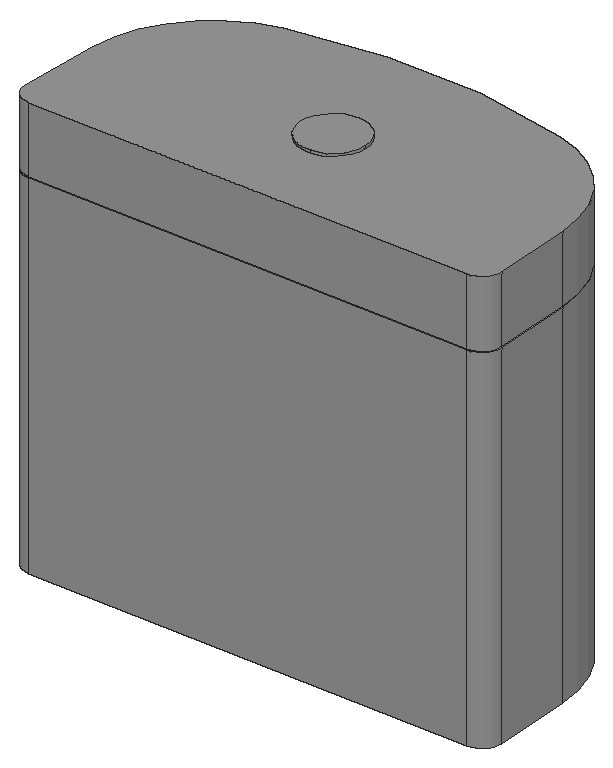
Revit family "HU2015008", category Plumbing Fixtures, host Wall, Revit 2016
Family settings
  Host = Wall
  Part Type = Normal
  Round Connector Dimension = Use Diameter
  OmniClass Number = 23.45.00.00
  OmniClass Title = Sanitary, Laundry, and Cleaning Equipment
  Always vertical = Yes
  Cut with Voids When Loaded = No
  Shared = No
  Room Calculation Point = No
Parameters (values of type "WC AKIM2")
  Waste Connection = no
  Vent Connection = no
  URL = "www.grupochc.cl"
  Type Image = AKIM 02.jpg
  Model = "HU2015008"
  Material = Porcelain, Linen
  Manufacturer = "CHC"
  HW Connection = no
  Description = "Sin mecanismo"
  CW Connection = yes
  Assembly Code = "D2010100"
Reference planes
  plane 1: y = 0
  plane 2 "Center (Left/Right)": x = 125
  plane 3 "Back": y = 75
Forms (mm)
  Extrusion 1, solid, material "Porcelain, Linen" <- "Material"
    sketch origin (0, 529.876, 286.022) x (0, -1, 0) y (1, 0, 0)
      loop
        arc (285.599, 16.76) -> (318.704, -36.252) -> (377.104, -58.513) r 98.1
        line (377.104, -58.513) -> (439.277, -61)
        arc (439.277, -61) -> (450.254, -56.843) -> (454.876, -46.053) r 15
        line (454.876, -46.053) -> (454.876, 296.012)
        arc (454.876, 296.012) -> (450.268, 306.828) -> (439.276, 311) r 15
        line (439.276, 311) -> (377.104, 308.513)
        arc (377.104, 308.513) -> (318.704, 286.252) -> (285.599, 233.24) r 98.1
        arc (285.599, 233.24) -> (272.876, 125) -> (285.599, 16.76) r 466.775
    from 401.978 to 453.978
  Blend 2, solid, material "Porcelain, Linen" <- "Material"
    base sketch origin (0, 529.876, 206.856) x (0, -1, 0) y (1, 0, 0)
      loop
        arc (439.277, -61) -> (450.254, -56.843) -> (454.876, -46.053) r 15
        line (454.876, -46.053) -> (454.876, 296.012)
        arc (454.876, 296.012) -> (450.268, 306.828) -> (439.276, 311) r 15
        line (439.276, 311) -> (377.104, 308.513)
        arc (377.104, 308.513) -> (318.704, 286.252) -> (285.599, 233.24) r 98.1
        arc (285.599, 233.24) -> (272.876, 125) -> (285.599, 16.76) r 466.775
        arc (285.599, 16.76) -> (318.704, -36.252) -> (377.104, -58.513) r 98.1
        line (377.104, -58.513) -> (439.277, -61)
    top sketch origin (0, 529.876, 206.856) x (0, -1, 0) y (1, 0, 0)
      loop
        arc (285.599, 233.24) -> (272.876, 125) -> (285.599, 16.76) r 466.775
        arc (285.599, 16.76) -> (318.704, -36.252) -> (377.104, -58.513) r 98.1
        line (377.104, -58.513) -> (439.277, -61)
        arc (439.277, -61) -> (450.254, -56.843) -> (454.876, -46.053) r 15
        line (454.876, -46.053) -> (454.876, 296.012)
        arc (454.876, 296.012) -> (450.268, 306.828) -> (439.276, 311) r 15
        line (439.276, 311) -> (377.104, 308.513)
        arc (377.104, 308.513) -> (318.704, 286.252) -> (285.599, 233.24) r 98.1
    from 203.144 to 480
  Extrusion 3, solid, material "Stainless Steel, Polished"
    sketch origin (0, 529.876, 206.856) x (0, -1, 0) y (1, 0, 0)
      loop
        circle (371.876, 125) r 25
    from 535 to 533.144
Text (mm)
  text "Placement side" at (-1787.139, 592.35, 0), in view "Ref. Level"
  text "Placement side" at (0, 1827.695, 2917.686), in view "Left"
  text "Placement side" at (0, 562.268, 3853.606), in view "Right"
Dimensions and locks
  locked: plane 3 "Back" to host wall at 0
  locked: level to Blend 2 at 410
  locked: level to Extrusion 1 at 740
  locked: Extrusion 3 to host wall at 740
  aligned and locked: host wall to plane 1
